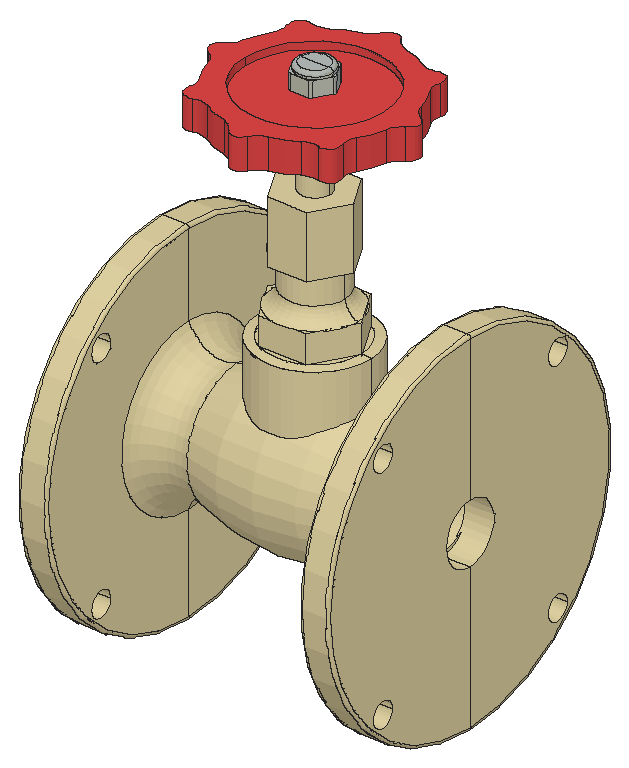
Revit family "DA05430000", category Apparecchi idraulici, Revit 2020
Family settings
  Quota connettore circolare = Usa diametro
  Tipo di parte = Normale
  Numero OmniClass = 23.45.00.00
  Titolo OmniClass = Sanitary, Laundry, and Cleaning Equipment
  Basato su piano di lavoro = No
  Sempre verticale = Sì
  Taglio con vuoti quando caricato = No
  Condiviso = No
  Punto di calcolo locali = No
Parameters
  URL = "https://web.cimberio.com/index.php/figura/27?subcategoria_id="
  Temperatura di esercizio = "-10 ÷ 170°C"
  Prospetto di default = 0 mm
  Produttore = "CIMBERIO SPA"
  Pressione nominale = "PN 16"
  Modello = "Cim *82PN16"
  Materiale = "Prodotto in lega di bronzo conforme alla norma EN 1982-CC491K"
  Descrizione = "Utilizzato nei più svariati settori dell’impiantistica ed in ogni applicazione industriale ed agricola dove è richiesta una regolazione: impianti di riscaldamento, idrici, igienico sanitari, aria compressa, reti di distribuzione vapore saturo, olii, benzine, petrolio ed altri idrocarburi e in generale con ogni fluido non corrosivo"
  DN Model [instance] = DA05433110 : DA05433110
  DN [instance] = 16 mm
  Commenti sul tipo = "Realizzato in ottemperanza ai requisiti gestionali della norma EN ISO 9001.\r\nCollaudato al 100% secondo la normativa EN 12266-1"
Reference planes
  plane 1 "Centro (Fronte/Retro)": y = 0
  plane 2: z = 0
  plane 3 "Centro (Sinistra/Destra)": x = 0
Dimensions and locks
  aligned and locked: level to plane 2
Nested families
  nested 1: "DA05433110" at (0, 0, 0), type <- "DN Model", type "DA05433110"
  nested 2: "DA05433110" at (0, 0, 0), type <- "DN Model", type "DA05433110"
  nested 3: "DA05433110" at (0, 0, 0), type <- "DN Model", type "DA05433110"
  nested 4: "DA05433110" at (0, 0, 0), type <- "DN Model", type "DA05433110"
  nested 5: "DA05433110" at (0, 0, 0), type <- "DN Model", type "DA05433110"
  nested 6: "DA05433110" at (0, 0, 0), type <- "DN Model", type "DA05433110"
  nested 7: "DA05433110" at (0, 0, 0), type <- "DN Model", type "DA05433110"
  nested 8: "DA05433110" at (0, 0, 0), type <- "DN Model", type "DA05433110"
  nested 9: "DA05433110" at (0, 0, 0), type <- "DN Model", type "DA05433110"
Connectors
  piping at (-41.232, 0, 0), diameter 16, driven by "DN"
    settings: on nested 1, index 1, connector inside diameter 609.6 mm, connector length 0 mm, flow factor 0, pipe flow 0.0 L/s, pressure drop 0.0 Pa, fitting loss kfactor 0, connector angle 0.00°, fixture units 0, engagement length 0 mm, angle of deflection 0.00°, flow configuration 0, flow direction 0, fitting loss method 0, system type 7, joint type 0, gender type 0, connector reference index -1, connector utility 0, adjustable connector no, is connector primary yes, connector description ""
  piping at (41.232, 0, 0), diameter 16, driven by "DN"
    settings: on nested 1, index 2, connector inside diameter 609.6 mm, connector length 0 mm, flow factor 0, pipe flow 0.0 L/s, pressure drop 0.0 Pa, fitting loss kfactor 0, connector angle 0.00°, fixture units 0, engagement length 0 mm, angle of deflection 0.00°, flow configuration 0, flow direction 0, fitting loss method 0, system type 7, joint type 0, gender type 0, connector reference index -1, connector utility 0, adjustable connector no, is connector primary no, connector description ""
Definition of nested family "DA05433110"
  Parameters (values of type "DA05423110")
    Default Elevation = 0 mm
  Reference planes
    plane 1 "Centro (Fronte/Retro)": y = 0
    plane 2: z = 0
    plane 3 "Centro (Sinistra/Destra)": x = 0
  Forms (mm)
    Revolve 1, solid
      sketch origin (0, 0, 0) x (1, 0, 0) y (0, 0, 1)
        loop
          line (33.727, -7.5) -> (-33.937, -7.5) -> (-33.937, -22.217)
          arc (-33.937, -22.217) -> (-29.131, -15.246) -> (-20.687, -14.614) r 9.811
          arc (-20.687, -14.614) -> (0, -18.5) -> (20.687, -14.614) r 57
          arc (20.687, -14.614) -> (28.684, -15.005) -> (33.727, -21.225) r 9.811
          line (33.727, -21.225) -> (33.727, -7.5)
        axis (-33.937, 2) -> (33.727, 2)
      angle from 0 to 360
    Revolve 2, solid
      sketch origin (0, 0, 0) x (1, 0, 0) y (0, 0, 1)
        loop
          line (-15, 4.172) -> (0, 4.172) -> (0, 32.573) -> (-12.5, 32.573) -> (-15, 32.132) -> (-15, 4.172)
        axis (0, 32.573) -> (0, 4.172)
      angle from 0 to 360
    Extrusion 3, solid
      sketch origin (0, 0, 0) x (0, -1, 0) y (1, 0, 0)
        loop
          line (0, 12.5) -> (-10.825, 6.25) -> (-10.825, -6.25) -> (0, -12.5) -> (10.825, -6.25) -> (10.825, 6.25) -> (0, 12.5)
      from 32.132 to 39.804
    Revolve 4, solid
      sketch origin (0, 0, 3.5) x (1, 0, 0) y (0, 0, 1)
        loop
          line (0, 47.5) -> (-7.95, 47.5) -> (-8.019, 40.572)
          arc (-8.019, 40.572) -> (-9.032, 37.961) -> (-11.29, 36.304) r 5
          line (-11.29, 36.304) -> (0, 36.304) -> (0, 47.5)
        axis (0, 47.5) -> (0, 36.304)
      angle from 0 to 360
    Extrusion 5, solid
      sketch origin (0, 0, 0) x (0, -1, 0) y (1, 0, 0)
        loop
          line (0, -10.4) -> (9.007, -5.2) -> (9.007, 5.2) -> (0, 10.4) -> (-9.007, 5.2) -> (-9.007, -5.2) -> (0, -10.4)
      from 51 to 67.5
    Revolve 6, solid
      sketch origin (0, 0, 12.019) x (1, 0, 0) y (0, 0, 1)
        loop
          line (-8.5, 72.318) -> (-8.5, 69.97)
          arc (-8.5, 69.97) -> (-8.353, 69.616) -> (-7.999, 69.469) r 0.501
          line (-7.999, 69.469) -> (-4, 69.469) -> (-4, 52.626) -> (0, 52.626) -> (0, 72.318) -> (-8.5, 72.318)
        axis (0, 72.318) -> (0, 52.626)
      angle from 0 to 360
    Extrusion 7, solid
      sketch origin (0, 0, 12.085) x (0.98263, 0.185575, 0) y (-0.185575, 0.98263, 0)
        loop
          spline (-12.624, 22.54) -> (-13.213, 22.77) -> (-13.791, 22.909) -> (-14.346, 22.954) -> (-14.868, 22.904) -> (-15.347, 22.761) -> (-15.773, 22.527) -> (-16.139, 22.206) -> (-16.438, 21.805) -> (-16.663, 21.332) -> (-16.81, 20.794) -> (-16.877, 20.204) -> (-16.863, 19.572)
          arc (-16.863, 19.572) -> (-17.081, 17.552) -> (-18.08, 15.783) r 5.029
          arc (-18.08, 15.783) -> (-20.241, 12.895) -> (-21.945, 9.716) r 24
          arc (-21.945, 9.716) -> (-23.126, 8.063) -> (-24.865, 7.011) r 5.029
          spline (-24.865, 7.011) -> (-25.444, 6.757) -> (-25.951, 6.447) -> (-26.375, 6.086) -> (-26.709, 5.682) -> (-26.946, 5.242) -> (-27.082, 4.775) -> (-27.114, 4.29) -> (-27.042, 3.795) -> (-26.866, 3.301) -> (-26.591, 2.817) -> (-26.221, 2.352) -> (-25.763, 1.916)
          arc (-25.763, 1.916) -> (-24.489, 0.333) -> (-23.945, -1.624) r 5.029
          arc (-23.945, -1.624) -> (-23.431, -5.195) -> (-22.388, -8.648) r 24
          arc (-22.388, -8.648) -> (-22.054, -10.652) -> (-22.54, -12.624) r 5.029
          spline (-22.54, -12.624) -> (-22.77, -13.213) -> (-22.909, -13.791) -> (-22.954, -14.346) -> (-22.904, -14.868) -> (-22.761, -15.347) -> (-22.527, -15.773) -> (-22.206, -16.139) -> (-21.805, -16.438) -> (-21.332, -16.663) -> (-20.794, -16.81) -> (-20.204, -16.877) -> (-19.572, -16.863)
          arc (-19.572, -16.863) -> (-17.552, -17.081) -> (-15.783, -18.08) r 5.029
          arc (-15.783, -18.08) -> (-12.895, -20.241) -> (-9.716, -21.945) r 24
          arc (-9.716, -21.945) -> (-8.081, -23.106) -> (-7.03, -24.813) r 5.029
          spline (-7.03, -24.813) -> (-6.779, -25.402) -> (-6.471, -25.918) -> (-6.111, -26.351) -> (-5.706, -26.693) -> (-5.265, -26.937) -> (-4.795, -27.079) -> (-4.307, -27.115) -> (-3.809, -27.045) -> (-3.312, -26.871) -> (-2.824, -26.595) -> (-2.356, -26.223) -> (-1.916, -25.763)
          arc (-1.916, -25.763) -> (-0.333, -24.489) -> (1.624, -23.945) r 5.029
          arc (1.624, -23.945) -> (5.195, -23.431) -> (8.648, -22.388) r 24
          arc (8.648, -22.388) -> (10.624, -22.053) -> (12.575, -22.516) r 5.029
          spline (12.575, -22.516) -> (13.172, -22.757) -> (13.759, -22.903) -> (14.323, -22.954) -> (14.854, -22.907) -> (15.341, -22.764) -> (15.773, -22.527) -> (16.144, -22.201) -> (16.445, -21.793) -> (16.671, -21.31) -> (16.816, -20.763) -> (16.879, -20.161) -> (16.858, -19.518)
          arc (16.858, -19.518) -> (17.089, -17.526) -> (18.08, -15.783) r 5.029
          arc (18.08, -15.783) -> (20.241, -12.895) -> (21.945, -9.716) r 24
          arc (21.945, -9.716) -> (23.106, -8.081) -> (24.813, -7.03) r 5.029
          spline (24.813, -7.03) -> (25.406, -6.777) -> (25.924, -6.466) -> (26.359, -6.103) -> (26.701, -5.694) -> (26.944, -5.249) -> (27.082, -4.775) -> (27.114, -4.283) -> (27.038, -3.781) -> (26.856, -3.281) -> (26.572, -2.791) -> (26.191, -2.321) -> (25.721, -1.881)
          arc (25.721, -1.881) -> (24.477, -0.309) -> (23.945, 1.624) r 5.029
          arc (23.945, 1.624) -> (23.431, 5.195) -> (22.388, 8.648) r 24
          arc (22.388, 8.648) -> (22.053, 10.624) -> (22.516, 12.575) r 5.029
          spline (22.516, 12.575) -> (22.757, 13.172) -> (22.903, 13.759) -> (22.954, 14.323) -> (22.907, 14.854) -> (22.764, 15.341) -> (22.527, 15.773) -> (22.201, 16.144) -> (21.793, 16.445) -> (21.31, 16.671) -> (20.763, 16.816) -> (20.161, 16.879) -> (19.518, 16.858)
          arc (19.518, 16.858) -> (17.526, 17.089) -> (15.783, 18.08) r 5.029
          arc (15.783, 18.08) -> (12.895, 20.241) -> (9.716, 21.945) r 24
          arc (9.716, 21.945) -> (8.063, 23.126) -> (7.011, 24.865) r 5.029
          spline (7.011, 24.865) -> (6.755, 25.448) -> (6.442, 25.957) -> (6.078, 26.383) -> (5.67, 26.717) -> (5.227, 26.953) -> (4.755, 27.086) -> (4.266, 27.113) -> (3.768, 27.035) -> (3.271, 26.852) -> (2.784, 26.568) -> (2.318, 26.188) -> (1.881, 25.721)
          arc (1.881, 25.721) -> (0.309, 24.477) -> (-1.624, 23.945) r 5.029
          arc (-1.624, 23.945) -> (-5.195, 23.431) -> (-8.648, 22.388) r 24
          arc (-8.648, 22.388) -> (-10.652, 22.054) -> (-12.624, 22.54) r 5.029
      from 71.915 to 79.915
    Extrusion 8, void
      sketch origin (0, 0, 12.085) x (1, 0, 0) y (0, 1, 0)
        loop
          circle (0, 0) r 18.5
      from 78 to 80.921
    Extrusion 9, solid
      sketch origin (0.001, 0, 14) x (0.934965, 0.354741, 0) y (-0.354741, 0.934965, 0)
        loop
          line (-1.377, 5.329) -> (-4.94, 2.419)
          arc (-4.94, 2.419) -> (-5.249, 1.991) -> (-5.302, 1.465) r 1.021
          line (-5.302, 1.465) -> (-4.565, -3.074)
          arc (-4.565, -3.074) -> (-4.349, -3.551) -> (-3.924, -3.858) r 1.012
          line (-3.924, -3.858) -> (0.37, -5.486)
          arc (0.37, -5.486) -> (0.9, -5.54) -> (1.387, -5.321) r 1.03
          line (1.387, -5.321) -> (4.931, -2.427)
          arc (4.931, -2.427) -> (5.246, -1.989) -> (5.3, -1.452) r 1.042
          line (5.3, -1.452) -> (4.567, 3.058)
          arc (4.567, 3.058) -> (4.346, 3.549) -> (3.909, 3.863) r 1.04
          line (3.909, 3.863) -> (-0.382, 5.491)
          arc (-0.382, 5.491) -> (-0.901, 5.543) -> (-1.377, 5.329) r 1.007
      from 78 to 82
    Revolve 10, solid
      sketch origin (0, 0, 13.506) x (1, 0, 0) y (0, 0, 1)
        loop
          line (0, 83.994) -> (0, 81.954) -> (4.75, 81.954) -> (4.75, 82.994)
          arc (4.75, 82.994) -> (4.457, 83.701) -> (3.75, 83.994) r 1
          line (3.75, 83.994) -> (0, 83.994)
        axis (0, 83.994) -> (0, 81.954)
      angle from 0 to 360
    Revolve 11, solid
      sketch origin (-6.732, 0, 0) x (1, 0, 0) y (0, 0, 1)
        loop
          line (-34.5, 46.192) -> (-34.5, 8) -> (-26.733, 8) -> (-26.733, 46.165)
          arc (-26.733, 46.165) -> (-26.977, 46.756) -> (-27.567, 47) r 0.835
          line (-27.567, 47) -> (-33.692, 47)
          arc (-33.692, 47) -> (-34.263, 46.763) -> (-34.5, 46.192) r 0.808
        axis (-34.5, 0) -> (-26.733, 0)
      angle from 0 to 360
    Revolve 12, solid
      sketch origin (6.732, 0, 0) x (-1, 0, 0) y (0, 0, -1)
        loop
          arc (-34.5, -46.192) -> (-34.263, -46.763) -> (-33.692, -47) r 0.808
          line (-33.692, -47) -> (-27.567, -47)
          arc (-27.567, -47) -> (-26.977, -46.756) -> (-26.733, -46.165) r 0.835
          line (-26.733, -46.165) -> (-26.733, -8) -> (-34.5, -8) -> (-34.5, -46.192)
        axis (-34.5, 0) -> (-26.733, 0)
      angle from 0 to 360
    Extrusion 13, void
      sketch origin (0, 0, 0) x (0, 1, 0) y (0, 0, 1)
        loop
          circle (28.974, 30.425) r 3.309
        loop
          circle (-28.974, 30.425) r 3.309
        loop
          circle (28.974, -30.425) r 3.309
        loop
          circle (-28.974, -30.425) r 3.309
      from -66.269 to 100
  Cuts and joins
    Extrusion 8 cuts Extrusion 7
    Extrusion 13 cuts Revolve 11
    Extrusion 13 cuts Revolve 12
  Dimensions and locks
    aligned and locked: level to plane 2
